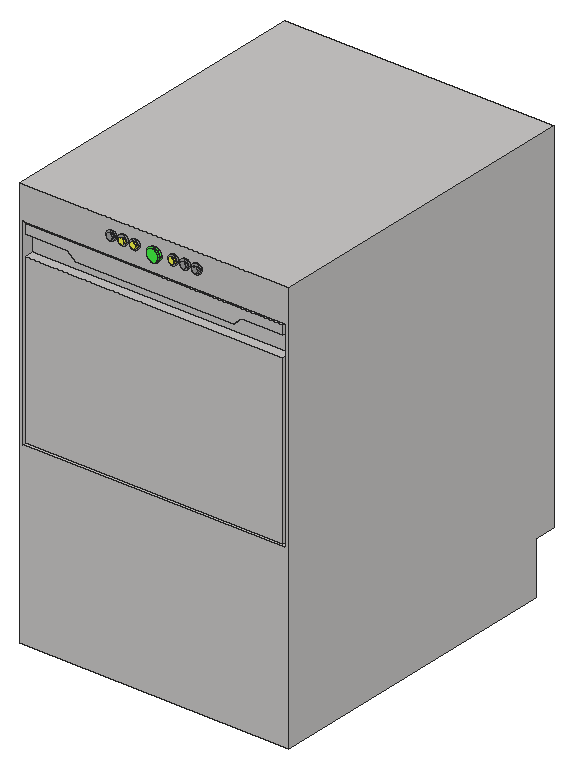
Revit family "QF_ZANUSSI_402235_ZSICWG", category Specialty Equipment, Revit 2018
Family settings
  Round Connector Dimension = Use Diameter
  Part Type = Normal
  Work Plane-Based = No
  Always vertical = Yes
  Cut with Voids When Loaded = No
  Shared = No
  Room Calculation Point = No
Parameters
  Weight = 37.00 kg
  Watts = 0 W
  Volts = 0 V
  URL Manufacturer = ""
  URL = "http://professional.electrolux.com/"
  Steam Supply Size = 0 mm
  Steam Supply Minimum Pressure = 0.0 Pa
  Steam Supply Maximum Pressure = 0.0 Pa
  Steam Pounds per Hour = 0
  Show Logo [instance] = yes
  Show Clearance [instance] = yes
  Refrigeration Suction Line Size = 0 mm
  Refrigeration Liquid Line Size = 0 mm
  Refrigerant Compressor Remote = yes
  Manufacturer = ""
  Phase = 0
  Model = ""
  Length Actual = 460 mm  # constant formula
  Item Number = ""
  Hot Water Size = 0 mm
  Height Actual = 715 mm  # constant formula
  HP = "4.4 HP"
  Gas Size = 0 mm
  Gas KW = 0
  Gas Input Pressure = 0 W
  Direct Waste Size = 27 mm
  Description = ""
  Depth Actual = 565 mm  # constant formula
  Cycle = 0 Hz
  Condensate Return Size = 0 mm
  Compressed Air Volume = 0.0 L/s
  Compressed Air Size = 0 mm
  Compressed Air Pressure = 0.0 Pa
  Cold Water Size = 0 mm
  Accessory = yes
Types (2, lengths in mm): name | Volts | URL Manufacturer | URL | Manufacturer | Phase | Model | Item Number | Description | Cycle | Cold Water Size
  (no name) | 0 V | "" | "http://professional.electrolux.com/" | "" | 0 | "" | "" | "" | 0 Hz | 0
  Standard | 220 V | "http://professional.electrolux.com" | "http://professional.electrolux.com" | "Electrolux Professional" | 1 | "ESICWG" | "402220" | "GLASSWASHER(S) DOUBLE SKIN, COLD RINSE, WS, DP, DD, 30B/H" | 50 Hz | 19.05
Reference planes
  plane 1 "Center (Front/Back)": y = 0
  plane 2: z = 0
  plane 3 "Center (Left/Right)": x = 0
  plane 4 "LEFT": x = -230
  plane 5 "RIGHT": x = 230
  plane 6 "FRONT": y = -282.5
  plane 7 "BACK": y = 282.5
  plane 8: x = -202.5
  plane 9: x = 202.5
  plane 10: z = 715
  plane 11: z = 10
Forms (mm)
  Extrusion 1, solid, material "QF_Finishes_Stainless Steel"
    sketch origin (0, 0, 0) x (1, 0, 0) y (0, 1, 0)
      loop
        line (-230, -282.5) -> (230, -282.5) -> (230, 243.5) -> (-230, 243.5) -> (-230, -282.5)
    from 10 to 715
  Extrusion 2, solid, material "QF_Finishes_Stainless Steel"
    sketch origin (0, 0, 0) x (1, 0, 0) y (0, 1, 0)
      loop
        line (-230, 243.5) -> (230, 243.5) -> (230, 282.5) -> (-230, 282.5) -> (-230, 243.5)
    from 100 to 715
  Extrusion 3, solid, material "QF_Finishes_Stainless Steel"
    sketch origin (0, 0, 0) x (1, 0, 0) y (0, 1, 0)
      loop
        circle (-202.5, 184.5) r 12.5
      loop
        circle (202.5, 184.5) r 12.5
      loop
        circle (-202.5, -235.5) r 12.5
      loop
        circle (202.5, -235.5) r 12.5
    from 0 to 10
  Extrusion 4, void
    sketch origin (-230, -282.5, 0) x (-1, 0, 0) y (0, 0, 1)
      loop
        line (-5, 658.217) -> (-455, 658.217) -> (-455, 315) -> (-5, 315) -> (-5, 658.217)
    from 0 to 30
  Extrusion 5, solid, material "QF_Finishes_Stainless Steel"
    sketch origin (-53, -392, 738) x (0, 0, -1) y (1, 0, 0)
      loop
        circle (693, 213) r 10
    from -635.5 to -674.5
  Extrusion 6, solid, material "QF_Door-Drawer Clearances", visible <- "Show Clearance", detail levels coarse
    sketch origin (-230, -282.5, 0) x (0, 1, 0) y (0, 0, -1)
      loop
        line (0, -315) -> (-315, -315)
        arc (-315, -315) -> (-223.2, -545.869) -> (0, -655) r 344.605
        line (0, -655) -> (0, -315)
    from -10 to -450
  Extrusion 7, solid, material "QF_Finishes_Stainless Steel"
    sketch origin (-242.481, -392, 738) x (0, 0, -1) y (1, 0, 0)
      loop
        circle (663, 322.481) r 8
    from -635.5 to -674.5
  Extrusion 8, solid, material "QF_Finishes_Green"
    sketch origin (234, -282.5, -28.75) x (-1, 0, 0) y (0, 0, -1)
      loop
        circle (234, -714.569) r 10
    from 0 to 5
  Extrusion 9, solid, material "QF_Finishes_Gray"
    sketch origin (234, -282.5, -24.375) x (-1, 0, 0) y (0, 0, -1)
      loop
        circle (306.936, -713.972) r 5
    from 0 to 5
  Extrusion 10, solid, material "QF_Finishes_Stainless Steel"
    sketch origin (-230, -282.5, 0) x (0, 1, 0) y (0, 0, -1)
      loop
        line (0, -319.622) -> (0, -605) -> (15, -605) -> (15, -655) -> (25, -655) -> (25, -319.622) -> (0, -319.622)
    from -10 to -450
  Extrusion 11, solid, material "QF_Finishes_Stainless Steel"
    sketch origin (-230, -282.5, 0) x (0, 1, 0) y (0, 0, -1)
      loop
        line (15, -655) -> (15, -652.514) -> (2.5, -652.514) -> (2.5, -626.25) -> (0, -626.25) -> (0, -655) -> (15, -655)
    from -10 to -450
  Extrusion 12, void
    sketch origin (-230, -282.5, 655) x (0, 0, 1) y (1, 0, 0)
      loop
        line (-15.552, 10) -> (-15.552, 81.607) -> (-28.75, 94.804) -> (-28.75, 10) -> (-15.552, 10)
      loop
        line (-15.552, 450) -> (-28.75, 450) -> (-28.75, 365.196) -> (-15.552, 378.393) -> (-15.552, 450)
    from 0 to 2.5
  Extrusion 13, solid, material "QF_Finishes_Stainless Steel"
    sketch origin (-328, -392, 738) x (0, 0, -1) y (1, 0, 0)
      loop
        circle (663, 228) r 8
    from -635.5 to -674.5
  Extrusion 14, solid, material "QF_Finishes_Green"
    sketch origin (-230, -282.5, 0) x (1, 0, 0) y (0, 0, 1)
      loop
        circle (230, 685.819) r 12
      loop
        circle (230, 685.819) r 10
    from 0 to 2.5
  Extrusion 15, solid, material "QF_Finishes_Gray"
    sketch origin (-210, -282.5, -28.75) x (1, 0, 0) y (0, 0, 1)
      loop
        circle (262.936, 718.347) r 8
      loop
        circle (262.936, 718.347) r 5
      loop
        circle (242.936, 718.347) r 8
      loop
        circle (242.936, 718.347) r 5
      loop
        circle (282.936, 718.347) r 8
      loop
        circle (282.936, 718.347) r 5
    from 0 to 2.5
  Extrusion 16, solid, material "QF_Finishes_Gray"
    sketch origin (-234, -282.5, -24.375) x (1, 0, 0) y (0, 0, 1)
      loop
        circle (286.936, 713.972) r 5
      loop
        circle (306.936, 713.972) r 5
    from 0 to 5
  Extrusion 17, solid, material "QF_Finishes_Gray"
    sketch origin (210, -282.5, -28.75) x (-1, 0, 0) y (0, 0, -1)
      loop
        circle (262.936, -718.347) r 8
      loop
        circle (262.936, -718.347) r 5
      loop
        circle (242.936, -718.347) r 8
      loop
        circle (242.936, -718.347) r 5
      loop
        circle (282.936, -718.347) r 8
      loop
        circle (282.936, -718.347) r 5
    from 0 to 2.5
  Extrusion 18, solid, material "QF_Finishes_Yellow"
    sketch origin (254, -282.5, -24.375) x (-1, 0, 0) y (0, 0, -1)
      loop
        circle (306.936, -713.972) r 5
    from 0 to 5
  Extrusion 19, solid, material "QF_Finishes_Yellow"
    sketch origin (274, -282.5, -24.375) x (-1, 0, 0) y (0, 0, -1)
      loop
        circle (306.936, -713.972) r 5
    from 0 to 5
  Extrusion 20, solid, material "QF_Finishes_Yellow"
    sketch origin (339.871, -282.5, -24.375) x (-1, 0, 0) y (0, 0, -1)
      loop
        circle (306.936, -713.972) r 5
    from 0 to 5
Cuts and joins
  Extrusion 4 cuts Extrusion 1
  joined: Extrusion 1, Extrusion 2
  Extrusion 12 cuts Extrusion 10
  Extrusion 12 cuts Extrusion 11
Lines and regions (mm)
  Split face 1
    outline origin (-230, -282.5, 715) x (0, 0, -1) y (1, 0, 0)
      loop
        line (35, 0) -> (35, 60) -> (49.142, 74.142) -> (49.142, 214.142) -> (11.456, 214.142)
        arc (11.456, 214.142) -> (9.82, 214.82) -> (9.142, 216.456) r 2.314
        line (9.142, 216.456) -> (9.142, 230) -> (9.142, 243.544)
        arc (9.142, 243.544) -> (9.82, 245.18) -> (11.456, 245.858) r 2.314
        line (11.456, 245.858) -> (49.142, 245.858) -> (49.142, 385.858) -> (35, 400) -> (35, 460)
      loop
        line (56.783, 5) -> (56.783, 0)
      loop
        line (56.783, 455) -> (56.783, 460)
  symbolic lines
    curve 1: line (-230, 282.5, 0) -> (230, 282.5, 0)
    curve 2: line (-230, -282.5, 0) -> (-230, 282.5, 0)
    curve 3: line (230, -282.5, 0) -> (-230, -282.5, 0)
    curve 4: line (230, 282.5, 0) -> (230, -282.5, 0)
    curve 9: line (-80.94, -285, 0) -> (-80.94, -282.5, 0)
    curve 10: line (-64.948, -285, 0) -> (-64.948, -282.5, 0)
    curve 11: line (-77.926, -287.5, 0) -> (-67.936, -287.5, 0)
    curve 12: line (-67.936, -287.5, 0) -> (-67.936, -285, 0)
    curve 13: line (-77.926, -287.5, 0) -> (-77.926, -285, 0)
    curve 14: line (-60.936, -285, 0) -> (-44.936, -285, 0)
    curve 15: line (-44.936, -285, 0) -> (-44.936, -282.5, 0)
    curve 16: line (-60.936, -285, 0) -> (-60.936, -282.5, 0)
    curve 17: line (-57.936, -287.5, 0) -> (-47.936, -287.5, 0)
    curve 18: line (-47.936, -287.5, 0) -> (-47.936, -285, 0)
    curve 19: line (-57.936, -287.5, 0) -> (-57.936, -285, 0)
    curve 20: line (-40.936, -285, 0) -> (-24.936, -285, 0)
    curve 21: line (-24.936, -285, 0) -> (-24.936, -282.5, 0)
    curve 22: line (-40.936, -285, 0) -> (-40.936, -282.5, 0)
    curve 23: line (-37.936, -287.5, 0) -> (-27.936, -287.5, 0)
    curve 24: line (-27.936, -287.5, 0) -> (-27.936, -285, 0)
    curve 25: line (-37.936, -287.5, 0) -> (-37.936, -285, 0)
    curve 26: line (24.936, -285, 0) -> (40.936, -285, 0)
    curve 27: line (40.936, -285, 0) -> (40.936, -282.5, 0)
    curve 28: line (27.936, -287.5, 0) -> (37.936, -287.5, 0)
    curve 29: line (37.936, -287.5, 0) -> (37.936, -285, 0)
    curve 30: line (27.936, -287.5, 0) -> (27.936, -285, 0)
    curve 31: line (24.936, -285, 0) -> (24.936, -282.5, 0)
    curve 32: line (-12, -285, 0) -> (12, -285, 0)
    curve 33: line (12, -285, 0) -> (12, -282.5, 0)
    curve 34: line (-12, -285, 0) -> (-12, -282.5, 0)
    curve 35: line (-10, -287.5, 0) -> (10, -287.5, 0)
    curve 36: line (10, -287.5, 0) -> (10, -285, 0)
    curve 37: line (-10, -287.5, 0) -> (-10, -285, 0)
    curve 39: line (44.936, -285, 0) -> (60.936, -285, 0)
    curve 40: line (60.936, -285, 0) -> (60.936, -282.5, 0)
    curve 41: line (47.936, -287.5, 0) -> (57.936, -287.5, 0)
    curve 42: line (57.936, -287.5, 0) -> (57.936, -285, 0)
    curve 43: line (47.936, -287.5, 0) -> (47.936, -285, 0)
    curve 44: line (44.936, -285, 0) -> (44.936, -282.5, 0)
    curve 45: line (64.936, -285, 0) -> (80.936, -285, 0)
    curve 46: line (80.936, -285, 0) -> (80.936, -282.5, 0)
    curve 47: line (67.936, -287.5, 0) -> (77.936, -287.5, 0)
    curve 48: line (77.936, -287.5, 0) -> (77.936, -285, 0)
    curve 49: line (67.936, -287.5, 0) -> (67.936, -285, 0)
    curve 50: line (64.936, -285, 0) -> (64.936, -282.5, 0)
  symbolic lines, style "QF_Door-Drawer Clearances"
    curve 5: line (-220, -597.5, 0) -> (220, -597.5, 0)
    curve 6: line (220, -597.5, 0) -> (220, -282.5, 0)
    curve 7: line (-220, -597.5, 0) -> (-220, -282.5, 0)
  symbolic lines, style "SpecialityEquipment"
    curve 8: line (-80.94, -285, 0) -> (-64.948, -285, 0)
  symbolic lines, style "SpecialityEquipmentHiddenLines"
    curve 38: line (-230, 243.5, 0) -> (230, 243.5, 0)
Dimensions and locks
  equal spacing: plane 4 "LEFT", plane 3 "Center (Left/Right)", plane 5 "RIGHT"
  equal spacing: plane 7 "BACK", plane 1 "Center (Front/Back)", plane 6 "FRONT"
  plane 7 "BACK" to plane 6 "FRONT" = 565 mm
  plane 4 "LEFT" to plane 5 "RIGHT" = 460 mm
  plane 4 "LEFT" to plane 8 = 27.5 mm
  plane 9 to plane 5 "RIGHT" = 27.5 mm
  locked: plane 11 to level at 10
  plane 4 "LEFT" to plane 3 "Center (Left/Right)" = 230 mm
  plane 10 to level = 715 mm  (x2)
  plane 8 to plane 9 = 405 mm
  level to Extrusion 13 sketch curve = 75 mm
  Extrusion 13 sketch curve to plane 4 "LEFT" = 130 mm
  level to Extrusion 5 sketch curve = 45 mm
  Extrusion 5 sketch curve to plane 4 "LEFT" = 390 mm
  Extrusion 7 sketch curve to plane 4 "LEFT" = 310 mm
  level to Extrusion 7 sketch curve = 75 mm
  locked: Extrusion 3 to cut or joined group of Extrusion 1, Extrusion 2, Extrusion 4 at 98
  Extrusion 3 to Extrusion 3 = 420 mm
  locked: plane 6 "FRONT" to Extrusion 3 at 47
  plane 9 to plane 8 = 405 mm
  plane 7 "BACK" to curve 5 = 880 mm
  cut or joined group of Extrusion 10, Extrusion 12 to cut or joined group of Extrusion 1, Extrusion 2, Extrusion 4 = 290 mm
  aligned and locked: level to plane 2
  aligned and locked: Extrusion 1 sketch curve to plane 6 "FRONT"
  aligned and locked: Extrusion 1 sketch curve to plane 4 "LEFT"
  aligned and locked: plane 5 "RIGHT" to Extrusion 1 sketch curve
  aligned and locked: Extrusion 1 to plane 11
  aligned and locked: Extrusion 2 sketch curve to Extrusion 1  (x2)
  aligned and locked: plane 7 "BACK" to Extrusion 2 sketch curve
  aligned and locked: plane 5 "RIGHT" to Extrusion 2 sketch curve
  aligned and locked: plane 11 to Extrusion 3
  aligned and locked: Extrusion 2 to Extrusion 5
  aligned and locked: Extrusion 2 to Extrusion 7
  aligned and locked: plane 7 "BACK" to Extrusion 7
  aligned and locked: plane 7 "BACK" to Extrusion 5
  aligned and locked: cut or joined group of Extrusion 11, Extrusion 12 to Extrusion 12
  aligned and locked: plane 10 to Extrusion 2
Automatic sketch dimensions
  curve 1 to plane 4 "LEFT" = 0 mm
  curve 7 to plane 6 "FRONT" = 0 mm
  curve 4 to plane 5 "RIGHT" = 0 mm
  curve 2 to plane 7 "BACK" = 0 mm
  plane 4 "LEFT" to curve 5 = 10 mm
  curve 8 to plane 6 "FRONT" = 2.5 mm
  curve 8 to plane 3 "Center (Left/Right)" = 80.94 mm
  curve 8 to curve 11 = 3.013 mm
  curve 11 to curve 11 = 9.991 mm
  curve 12 to curve 10 = 2.987 mm
  curve 8 to curve 16 = 4.013 mm
  curve 14 to curve 19 = 3 mm
  curve 17 to plane 6 "FRONT" = 5 mm
  curve 17 to curve 17 = 10 mm
  curve 18 to curve 14 = 3 mm
  curve 14 to curve 20 = 4 mm
  curve 20 to curve 25 = 3 mm
  curve 24 to plane 6 "FRONT" = 5 mm
  curve 23 to curve 24 = 10 mm
  curve 24 to curve 21 = 3 mm
  curve 34 to plane 6 "FRONT" = 2.5 mm
  curve 34 to plane 3 "Center (Left/Right)" = 12 mm
  curve 32 to curve 37 = 2 mm
  plane 3 "Center (Left/Right)" to curve 36 = 10 mm
  curve 36 to curve 33 = 2 mm
  curve 26 to plane 6 "FRONT" = 2.5 mm
  curve 32 to curve 26 = 12.936 mm
  curve 26 to curve 30 = 3 mm
  curve 28 to plane 6 "FRONT" = 5 mm
  curve 28 to curve 28 = 10 mm
  curve 29 to curve 27 = 3 mm
  curve 26 to curve 44 = 4 mm
  curve 39 to curve 43 = 3 mm
  curve 41 to plane 6 "FRONT" = 5 mm
  curve 41 to curve 41 = 10 mm
  curve 42 to curve 39 = 3 mm
  curve 39 to curve 50 = 4 mm
  curve 45 to curve 47 = 3 mm
  curve 47 to plane 6 "FRONT" = 5 mm
  curve 47 to curve 47 = 10 mm
  curve 48 to curve 45 = 3 mm
  curve 6 to plane 5 "RIGHT" = 10 mm
  curve 35 to curve 36 = 2.5 mm
  curve 11 to curve 13 = 2.5 mm
  curve 15 to plane 6 "FRONT" = 2.5 mm
  curve 20 to plane 6 "FRONT" = 2.5 mm
  curve 40 to plane 6 "FRONT" = 2.5 mm
  curve 45 to plane 6 "FRONT" = 2.5 mm
  curve 38 to plane 7 "BACK" = 39 mm
  Extrusion 1 sketch curve to plane 7 "BACK" = 39 mm
  Extrusion 3 sketch curve to plane 8 = 0 mm  (x2)
  Extrusion 3 sketch curve to plane 9 = 0 mm  (x2)
  plane 6 "FRONT" to Extrusion 3 sketch curve = 47 mm  (x2)
  Extrusion 3 sketch curve to plane 7 "BACK" = 98 mm  (x2)
  Extrusion 4 sketch curve to Extrusion 1 = 5 mm  (x2)
  Extrusion 4 sketch curve to Extrusion 1 = 305 mm
  Extrusion 4 sketch curve to Extrusion 1 = 56.783 mm
  Extrusion 6 sketch curve to plane 6 "FRONT" = 0 mm
  Extrusion 6 sketch curve to plane 6 "FRONT" = 315 mm
  plane 6 "FRONT" to Extrusion 6 sketch curve = 29.589 mm
  Extrusion 6 sketch curve to plane 10 = 60 mm
  plane 11 to Extrusion 6 sketch curve = 305 mm
  Extrusion 8 sketch curve to Extrusion 8 sketch curve = 0 mm  (x2)
  Extrusion 8 sketch curve to plane 3 "Center (Left/Right)" = 0 mm
  Extrusion 8 sketch curve to plane 10 = 29.181 mm
  plane 3 "Center (Left/Right)" to Extrusion 8 sketch curve = 10 mm
  Extrusion 9 sketch curve to Extrusion 9 sketch curve = 0 mm  (x2)
  Extrusion 9 sketch curve to plane 10 = 25.403 mm
  Extrusion 9 sketch curve to plane 3 "Center (Left/Right)" = 72.936 mm
  Extrusion 9 sketch curve to Extrusion 9 sketch curve = 5 mm
  Extrusion 10 sketch curve to plane 6 "FRONT" = 0 mm
  plane 6 "FRONT" to Extrusion 10 sketch curve = 15 mm
  Extrusion 10 sketch curve to Extrusion 10 sketch curve = 25 mm
  Extrusion 10 sketch curve to plane 10 = 60 mm
  Extrusion 10 sketch curve to Extrusion 10 sketch curve = 50 mm
  Extrusion 10 sketch curve to Extrusion 10 sketch curve = 285.378 mm
  Extrusion 11 sketch curve to plane 6 "FRONT" = 0 mm
  Extrusion 11 sketch curve to Extrusion 11 sketch curve = 2.5 mm
  Extrusion 11 sketch curve to Extrusion 11 sketch curve = 12.5 mm
  Extrusion 11 sketch curve to plane 10 = 60 mm
  Extrusion 11 sketch curve to Extrusion 11 sketch curve = 2.486 mm
  Extrusion 11 sketch curve to Extrusion 11 sketch curve = 26.264 mm
  Extrusion 12 sketch curve to Extrusion 11 = 0 mm  (x3)
  Extrusion 11 to Extrusion 12 sketch curve = 0 mm
  Extrusion 12 sketch curve to Extrusion 11 = 13.198 mm  (x2)
  Extrusion 12 sketch curve to Extrusion 11 = 71.607 mm
  Extrusion 12 sketch curve to Extrusion 12 sketch curve = 13.198 mm  (x2)
  Extrusion 12 sketch curve to Extrusion 11 = 84.804 mm
  Extrusion 14 sketch curve to Extrusion 14 sketch curve = 0 mm  (x2)
  Extrusion 1 to Extrusion 14 sketch curve = 29.181 mm
  Extrusion 1 to Extrusion 14 sketch curve = 230 mm
  Extrusion 15 sketch curve to Extrusion 15 sketch curve = 0 mm  (x8)
  plane 3 "Center (Left/Right)" to Extrusion 15 sketch curve = 32.936 mm
  Extrusion 15 sketch curve to Extrusion 15 sketch curve = 20 mm  (x2)
  Extrusion 15 sketch curve to plane 10 = 25.403 mm
  Extrusion 16 sketch curve to Extrusion 16 sketch curve = 0 mm  (x5)
  Extrusion 16 sketch curve to plane 10 = 25.403 mm
  plane 3 "Center (Left/Right)" to Extrusion 16 sketch curve = 52.936 mm
  Extrusion 16 sketch curve to Extrusion 16 sketch curve = 20 mm
  Extrusion 16 sketch curve to Extrusion 16 sketch curve = 5 mm  (x2)
  Split face 1 sketch curve to cut or joined group of Extrusion 1, Extrusion 2, Extrusion 4 = 0 mm  (x6)
  cut or joined group of Extrusion 1, Extrusion 2, Extrusion 4 to Split face 1 sketch curve = 0 mm  (x2)
  cut or joined group of Extrusion 1, Extrusion 2, Extrusion 4 to Split face 1 sketch curve = 7.641 mm  (x2)
  Split face 1 sketch curve to Split face 1 sketch curve = 14.142 mm  (x4)
  Split face 1 sketch curve to cut or joined group of Extrusion 1, Extrusion 2, Extrusion 4 = 11.456 mm  (x2)
  Split face 1 sketch curve to cut or joined group of Extrusion 1, Extrusion 2, Extrusion 4 = 9.142 mm
  Split face 1 sketch curve to cut or joined group of Extrusion 1, Extrusion 2, Extrusion 4 = 55 mm
  Split face 1 sketch curve to Split face 1 sketch curve = 140 mm
  Split face 1 sketch curve to Split face 1 sketch curve = 13.544 mm  (x2)
  Split face 1 sketch curve to cut or joined group of Extrusion 1, Extrusion 2, Extrusion 4 = 69.142 mm
  Extrusion 17 sketch curve to Extrusion 17 sketch curve = 0 mm  (x8)
  Extrusion 17 sketch curve to plane 3 "Center (Left/Right)" = 32.936 mm
  Extrusion 17 sketch curve to Extrusion 17 sketch curve = 20 mm  (x2)
  Extrusion 17 sketch curve to plane 10 = 25.403 mm
  Extrusion 18 sketch curve to Extrusion 18 sketch curve = 0 mm  (x2)
  Extrusion 18 sketch curve to plane 10 = 25.403 mm
  Extrusion 18 sketch curve to plane 3 "Center (Left/Right)" = 52.936 mm
  Extrusion 18 sketch curve to Extrusion 18 sketch curve = 5 mm
  Extrusion 19 sketch curve to Extrusion 19 sketch curve = 0 mm  (x2)
  Extrusion 19 sketch curve to plane 3 "Center (Left/Right)" = 32.936 mm
  Extrusion 19 sketch curve to plane 10 = 25.403 mm
  Extrusion 19 sketch curve to Extrusion 19 sketch curve = 5 mm
  Extrusion 20 sketch curve to Extrusion 20 sketch curve = 0 mm  (x2)
  plane 3 "Center (Left/Right)" to Extrusion 20 sketch curve = 32.936 mm
  Extrusion 20 sketch curve to plane 10 = 25.403 mm
  Extrusion 20 sketch curve to Extrusion 20 sketch curve = 5 mm
  radius of Extrusion 5 sketch curve = 10 mm
  radius of Extrusion 7 sketch curve = 8 mm
  radius of Extrusion 13 sketch curve = 8 mm
  radius of Extrusion 3 sketch curve = 12.5 mm  (x4)
  radius of Extrusion 14 sketch curve = 12 mm
  radius of Extrusion 14 sketch curve = 10 mm
  radius of Extrusion 15 sketch curve = 8 mm  (x3)
  radius of Extrusion 15 sketch curve = 5 mm  (x3)
  radius of Extrusion 17 sketch curve = 8 mm  (x3)
  radius of Extrusion 17 sketch curve = 5 mm  (x3)
Connectors
  piping at (160, 282.5, 45), diameter 20
    settings: on Extrusion 5, index 1, connector inside diameter 609.6 mm, connector length 0 mm, flow factor 0, pipe flow 0.0 L/s, pressure drop 0.0 Pa, fitting loss kfactor 0, connector angle 0.00°, fixture units 0, engagement length 0 mm, angle of deflection 0.00°, flow configuration 1, flow direction 1, fitting loss method 0, system type 16, joint type 0, gender type 0, connector reference index -1, connector utility 0, adjustable connector no, is connector primary yes, connector description "Drain"
  piping at (80, 282.5, 75), driven by "Cold Water Size"
    settings: on Extrusion 7, index 3, connector diameter 0 mm, connector inside diameter 609.6 mm, connector length 0 mm, flow factor 0, pipe flow 0.0 L/s, pressure drop 0.0 Pa, fitting loss kfactor 0, connector angle 0.00°, fixture units 0, engagement length 0 mm, angle of deflection 0.00°, flow configuration 1, flow direction 1, fitting loss method 0, system type 20, joint type 0, gender type 0, connector reference index -1, connector utility 0, adjustable connector no, is connector primary no, connector description "Cold Water Inlet"
  electrical at (-100, 282.5, 75), driven by "Volts"
    settings: on Extrusion 13, index 4, voltage 0 V, apparent load 0 VA, apparent load phase1 0 VA, apparent load phase2 0 VA, apparent load phase3 0 VA, power factor 1, load classification "Altro", number of poles 1, system type 31, power factor state 1, is connector primary yes, connector utility no, sub classification motor no, connector description "Electrical Connection"
